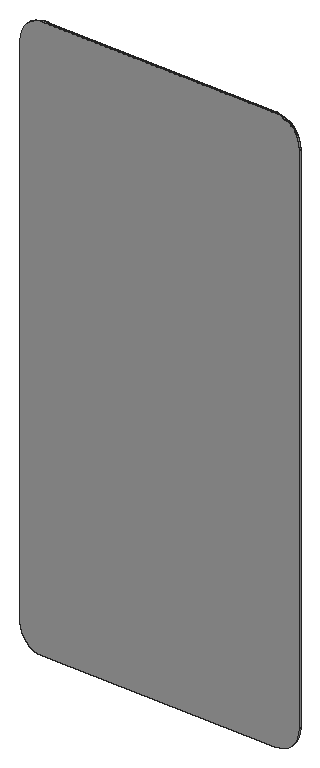
Revit family "41637Z", category Generic Models, Revit 2017
Family settings
  Can host rebar = No
  Round Connector Dimension = Use Diameter
  Part Type = Normal
  Work Plane-Based = No
  Always vertical = Yes
  Cut with Voids When Loaded = No
  Shared = No
  Room Calculation Point = No
Parameters
  Steel = Default
  Glass = Default
Reference planes
  plane 1 "Center (Front/Back)": y = 0
  plane 2: z = 0
  plane 3 "Center (Left/Right)": x = 0
  plane 4: y = 4
  plane 5: y = 4.3
Forms (mm)
  Extrusion 1, solid, material "Default" <- "Glass"
    sketch origin (-172.671, 4, 1200) x (-1, 0, 0) y (0, 0, 1)
      loop
        arc (314.921, 701.009) -> (289.77, 763.433) -> (227.676, 789.388) r 87.252
        arc (227.676, 789.388) -> (-172.671, 799.43) -> (-573.018, 789.388) r 7985.592
        arc (-573.018, 789.388) -> (-634.714, 763.833) -> (-660.27, 702.136) r 87.252
        arc (-660.27, 702.136) -> (-673.845, -200.285) -> (-660.27, -1102.706) r 30000
        arc (-660.27, -1102.706) -> (-634.711, -1164.409) -> (-573.008, -1189.968) r 87.262
        arc (-573.008, -1189.968) -> (-168.224, -1200.001) -> (236.561, -1189.968) r 8170.292
        arc (236.561, -1189.968) -> (291.82, -1167.079) -> (314.709, -1111.819) r 78.148
        arc (314.709, -1111.819) -> (327.961, -205.407) -> (314.921, 701.009) r 31255.388
    from -4 to 0
  Extrusion 2, solid, material "Default" <- "Steel"
    sketch origin (-172.671, 4, 1200) x (-1, 0, 0) y (0, 0, 1)
      loop
        arc (227.676, 789.388) -> (-172.671, 799.43) -> (-573.018, 789.388) r 7985.592
        arc (-573.018, 789.388) -> (-634.714, 763.833) -> (-660.27, 702.136) r 87.252
        arc (-660.27, 702.136) -> (-673.845, -200.285) -> (-660.27, -1102.706) r 30000
        arc (-660.27, -1102.706) -> (-634.711, -1164.409) -> (-573.008, -1189.968) r 87.262
        arc (-573.008, -1189.968) -> (-168.224, -1200.001) -> (236.561, -1189.968) r 8170.292
        arc (236.561, -1189.968) -> (291.82, -1167.079) -> (314.709, -1111.819) r 78.148
        arc (314.709, -1111.819) -> (327.961, -205.407) -> (314.921, 701.009) r 31255.388
        arc (314.921, 701.009) -> (289.77, 763.433) -> (227.676, 789.388) r 87.252
    from 0 to 0.3
Dimensions and locks
  aligned and locked: level to plane 2
